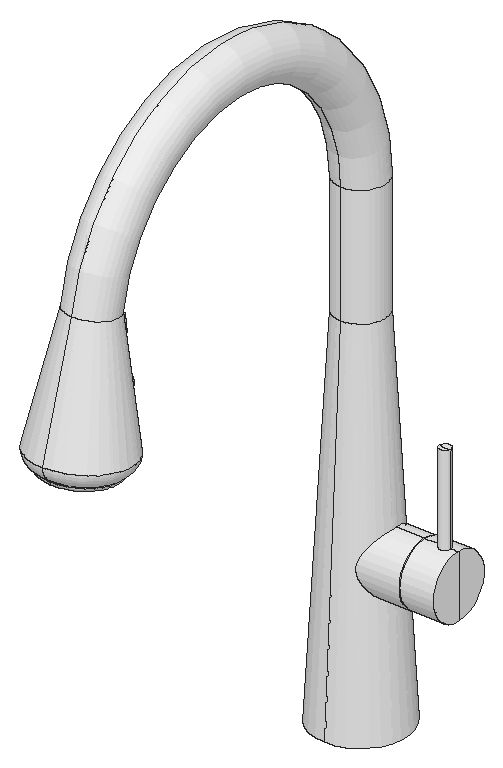
Revit family "Faucet-Pull_Down-American_Standard-Edgewater-4932.300", category Plumbing Fixtures, Revit 2014
Parameters (values of type "4932.300")
  Waste Connection = no
  WFU = 0
  Vent Connection = no
  URL = "http://www.americanstandard-us.com/"
  Specification = "High arc brass spout with pull-down SelectFlo™ 4 function spray head with pause feature. Metal body and 2 part ADA metal lever handle. Toggle down into spray mode and rotate dial to select desired spray. Washerless 35 mm ceramic disc valve cartridge."
  Revised Date = "02/09/2017"  # constant formula
  Product URL = "https://www.americanstandard-us.com/kitchens/kitchen-faucets/edgewater-pull-down-kitchen-faucet-with-selectflo-23903"
  Product Documentation Link = "https://www.americanstandard-us.com/-/media/sites/asus/files/product-specs/bulk/specsheet4932300.pdf?la=en"
  Model = "4932.300"
  Material = "Metal-American Standard-002-Polished Chrome"
  Manufacturer = "American Standard "
  Length = 9"
  Hot Water Connection Diameter = 3/8"
  Height = 17 7/16"
  HWFU = 1.5
  HW Connection = yes
  Description = "Edgewater Pull-Down Kitchen Faucet with Selectflo."
  Default Elevation = 0"
  Creation Date = "6/21/2016"  # constant formula
  Cold Water Connection Diameter = 3/8"
  CWFU = 1.5
  CW Connection = yes
  Assembly Code = "D2020300"
  ADA Compliant = yes
Reference planes (in)
  plane 1 "Center (Front/Back)": y = 0
  plane 2: z = 0
  plane 3 "Center (Left/Right)": x = 0
  plane 4: x = 2.16093
  plane 5: z = 17.4375
  plane 6: y = -9
  plane 7: z = 9.5
  plane 8: z = 7
  plane 9: z = 3.9375
  plane 10: z = 16.8125
Forms (in)
  Revolve 1, solid, material "Metal-American Standard-002-Polished Chrome"
    sketch origin (0, 0, 0) x (0, 1, 0) y (0, 0, 1)
      loop
        line (0, 9.41406) -> (0, 0) -> (1.1583, 0) -> (0.625, 9.41406) -> (0, 9.41406)
      axis (0, 9.41406) -> (0, 0)
    angle from 0 to 360
  Sweep 2, solid, material "Metal-American Standard-002-Polished Chrome"
    path origin (0, 0, -0.08594) x (0, 1, 0) y (0, 0, 1)
      loop
        line (-8.82814, 11.16897) -> (-8.63329, 13.02284)
        arc (-8.63329, 13.02284) -> (-4.10196, 16.89296) -> (0, 12.57039) r 4.3285
        line (0, 12.57039) -> (0, 9.5)
    profile origin (0, 0, 10.94926) x (1, 0, 0) y (0, 1, 0)
      loop
        circle (0, 0) r 0.625
  Extrusion 3, solid, material "Metal-American Standard-002-Polished Chrome"
    sketch origin (0, 0, 0) x (1, 0, 0) y (0, 1, 0)
      loop
        circle (-0.30061, 0) r 0.1875
      loop
        circle (0.30061, 0) r 0.1875
    from 0 to 0.5
  Revolve 4, solid, material "Metal-American Standard-002-Polished Chrome"
    sketch origin (0, 0, 0.9375) x (1, 0, 0) y (0, 0, 1)
      loop
        line (1.62468, 3) -> (0, 3) -> (0, 2.20303) -> (1.62468, 2.20303) -> (1.62468, 3)
      loop
        line (2.50468, 2.20303) -> (2.50468, 3) -> (1.64819, 3) -> (1.64819, 2.20303) -> (2.50468, 2.20303)
      axis (0, 3) -> (2.50468, 3)
    angle from 0 to 360
  Revolve 5, solid, material "Metal-American Standard-002-Polished Chrome"
    sketch origin (0.15625, 0, 0.9375) x (1, 0, 0) y (0, 0, 1)
      loop
        line (2.00468, 6.0625) -> (1.86468, 6.0625) -> (1.86468, 3.73289) -> (2.00468, 3.73289) -> (2.00468, 6.0625)
      axis (2.00468, 6.0625) -> (2.00468, 3.73289)
    angle from 0 to 360
  Revolve 6, solid, material "Metal-American Standard-002-Polished Chrome"
    sketch origin (0, 0, 0.9375) x (1, 0, 0) y (0, 0, 1)
      loop
        arc (0.84627, 3) -> (1.54067, 2.3056) -> (2.23507, 3) r 0.6944
        line (2.23507, 3) -> (0.84627, 3)
      axis (2.23507, 3) -> (0.84627, 3)
    angle from 0 to 360
  Revolve 7, solid, material "Metal-American Standard-002-Polished Chrome"
    sketch origin (0, 0, 0) x (0, 1, 0) y (0, 0, 1)
      loop
        line (-8.75, 9.5) -> (-8.73998, 9.59529) -> (-8.11282, 9.52938)
        arc (-8.11282, 9.52938) -> (-8.05827, 9.54554) -> (-8.03113, 9.59553) r 0.07433
        line (-8.03113, 9.59553) -> (-8.02754, 9.62971)
        arc (-8.02754, 9.62971) -> (-7.81642, 9.75524) -> (-7.71256, 9.97782) r 0.41711
        line (-7.71256, 9.97782) -> (-8.00685, 13.34158) -> (-8.58437, 13.40228) -> (-8.99185, 9.52542) -> (-8.75, 9.5)
      axis (-8.58437, 13.40228) -> (-8.99185, 9.52542)
    angle from 0 to 360
  Extrusion 8, solid, material "Metal-American Standard-002-Polished Chrome"
    sketch origin (0, 0, 0) x (0, 1, 0) y (0, 0, 1)
      loop
        line (-8.11349, 10.94064) -> (-7.64288, 11.02362)
        arc (-7.64288, 11.02362) -> (-7.56378, 11.08004) -> (-7.55785, 11.17702) r 0.11284
        line (-7.55785, 11.17702) -> (-8.02286, 12.32796) -> (-7.77666, 12.37138) -> (-7.86349, 12.86378) -> (-8.11349, 12.86378) -> (-8.11349, 10.94064)
    from -0.24388 to 0.25
Cuts and joins
  joined: Revolve 1, Sweep 2, Extrusion 3, Revolve 4, Revolve 5, Revolve 7
Lines and regions (in)
  Masking region 1
    outline origin (0, 0, 0) x (1, 0, 0) y (0, 1, 0)
      loop
        line (-0.625, -0.9752) -> (-0.625, -7.82372)
        arc (-0.625, -7.82372) -> (0, -10.15625) -> (0.625, -7.82372) r 1.25
        line (0.625, -7.82372) -> (0.625, -0.9752)
        arc (0.625, -0.9752) -> (0.73816, -0.89262) -> (0.84053, -0.79697) r 1.1583
        line (0.84053, -0.79697) -> (1.62468, -0.79697) -> (1.62468, -0.68896)
        arc (1.62468, -0.68896) -> (1.64322, -0.68682) -> (1.65962, -0.67791) r 0.04905
        line (1.65962, -0.67791) -> (1.65962, -0.79697) -> (2.50468, -0.79697) -> (2.50468, 0.79697) -> (1.65614, 0.79697) -> (1.65614, 0.68053)
        arc (1.65614, 0.68053) -> (1.64113, 0.68743) -> (1.62468, 0.68896) r 0.04905
        line (1.62468, 0.68896) -> (1.62468, 0.79697) -> (0.84053, 0.79697)
        arc (0.84053, 0.79697) -> (-0.89262, 0.73816) -> (-0.625, -0.9752) r 1.1583
  symbolic lines, detail levels medium+fine
    curve 1: arc (0.625, -0.54429, 0) -> (0, 0.82878, 0) -> (-0.625, -0.54429, 0) r 0.82878
    curve 2: line (0.625, 0, 0) -> (0.625, -0.9752, 0)
    curve 3: line (-0.625, 0, 0) -> (-0.625, -0.9752, 0)
    curve 4: arc (-0.625, 0, 0) -> (0, 0.625, 0) -> (0.625, 0, 0) r 0.625
    curve 7: line (1.62468, -0.79697, 0) -> (1.62468, 0.79697, 0)
    curve 8: line (1.64819, -0.79697, 0) -> (1.64819, 0.79697, 0)
  symbolic lines, detail levels fine
    curve 5: line (0.84053, 0.79697, 0) -> (0.22741, 0.79697, 0)
    curve 6: line (0.84053, -0.79697, 0) -> (0.625, -0.79697, 0)
    curve 9: circle (2.16093, 0, 0) r 0.23664 normal (0, 0, 1)
    curve 10: arc (-0.625, -8.597, 0) -> (0, -9.20304, 0) -> (0.625, -8.597, 0) r 0.6253
    curve 11: line (-0.625, -7.82372, 0) -> (-0.625, -8.597, 0)
    curve 12: line (0.625, -7.82372, 0) -> (0.625, -8.597, 0)
Dimensions and locks (in)
  plane 5 to level = 17 7/16"  (x2)
  plane 7 to level = 9 1/2"  (x2)
  plane 9 to level = 3 15/16"  (x2)
Connectors (in)
  piping at (-0.30061, 0, 0), diameter 0.375, driven by "HWFU", driven by "Hot Water Connection Diameter"
    settings: on Extrusion 3, index 1, connector inside diameter 609.6 mm, connector length 0", flow factor 0, pipe flow 0.0 L/s, pressure drop 0.0 Pa, fitting loss kfactor 0, connector angle 0.00°, fixture units 1.5, engagement length 0", angle of deflection 0.00°, flow configuration 3, flow direction 1, fitting loss method 0, system type 19, joint type 0, gender type 0, connector reference index -1, connector utility 0, adjustable connector no, is connector primary yes, connector description "3/8\" HW Supply Inlet"
  piping at (0.30061, 0, 0), diameter 0.375, driven by "CWFU", driven by "Cold Water Connection Diameter"
    settings: on Extrusion 3, index 2, connector inside diameter 609.6 mm, connector length 0", flow factor 0, pipe flow 0.0 L/s, pressure drop 0.0 Pa, fitting loss kfactor 0, connector angle 0.00°, fixture units 1.5, engagement length 0", angle of deflection 0.00°, flow configuration 3, flow direction 1, fitting loss method 0, system type 20, joint type 0, gender type 0, connector reference index -1, connector utility 0, adjustable connector no, is connector primary no, connector description "3/8\" CW Supply Inlet"
